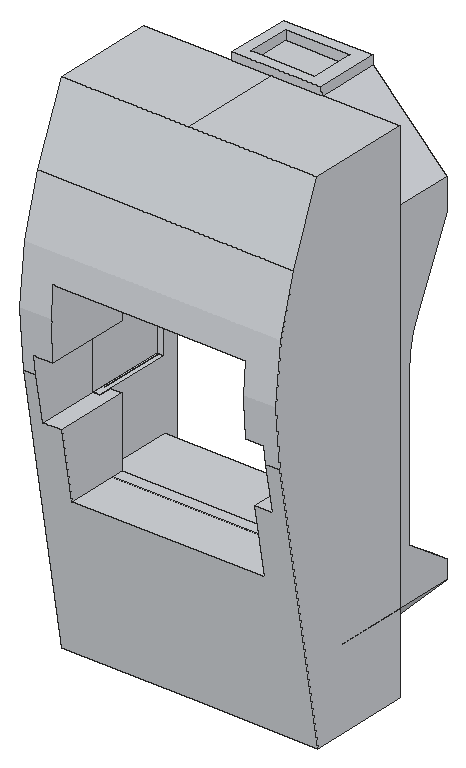
Revit family
Parameters
  Material ID = "760157727"
  Description = "INTERNATIONAL WHITE ADAPTER "
Reference planes (in)
  plane 1 "Center (Front/Back)": y = 0
  plane 2: z = 0
  plane 3 "Center (Left/Right)": x = 0
Forms (in)
  Extrusion 1, solid, not visible
    sketch origin (0, -14.305, 0) x (1, 0, 0) y (0, 0, 1)
      loop
        line (-8.5516, 0.86) -> (-8.5516, 0.46) -> (-7.9516, 0.46) -> (-7.9516, 0.86) -> (-8.5516, 0.86)
    from 0 to 0.77696
  Extrusion 2, solid
    sketch origin (0, 0, 0) x (1, 0, 0) y (0, 0, 1)
      loop
        line (0, 0.865) -> (-0.4315, 0.865) -> (-0.4315, 0) -> (-0.4315, -0.865) -> (0, -0.865) -> (0.4315, -0.865) -> (0.4315, 0.865) -> (0, 0.865)
    from 0 to 0.56
  Extrusion 3, void
    sketch origin (0, 0, 0) x (1, 0, 0) y (0, 0, 1)
      loop
        line (0.386, -0.8125) -> (0.386, 0.8125) -> (-0.38281, 0.8125) -> (-0.38281, -0.8125) -> (0.386, -0.8125)
    from -0.47848 to 0.22719
  Extrusion 4, solid
    sketch origin (0, 0, 0) x (1, 0, 0) y (0, 0, 1)
      loop
        line (0.16755, 0.8595) -> (-0.13386, 0.8595) -> (-0.416, 0.61424) -> (-0.416, -0.57634) -> (-0.16985, -0.8595) -> (0.166, -0.8595) -> (0.416, -0.6095) -> (0.416, 0.61105) -> (0.16755, 0.8595)
      loop
        line (0.366, 0.59034) -> (0.14384, 0.8125) -> (-0.11171, 0.8125) -> (-0.366, 0.59145) -> (-0.366, -0.55765) -> (-0.14446, -0.8125) -> (0.14229, -0.8125) -> (0.366, -0.58879) -> (0.366, 0.59034)
    from -0.21711 to 0.267
  Extrusion 5, void
    sketch origin (0, 0, 0) x (1, 0, 0) y (0, 0, 1)
      loop
        line (0, 0.3445) -> (-0.3255, 0.3445) -> (-0.3255, -0.3445) -> (0.3255, -0.3445) -> (0.3255, 0.3445) -> (0, 0.3445)
    from 0 to 12
  Extrusion 6, void
    sketch origin (0, 0, 0) x (1, 0, 0) y (0, 0, 1)
      loop
        line (-0.3255, 0.1095) -> (-0.3895, 0.1095) -> (-0.3895, -0.1095) -> (-0.3255, -0.1095) -> (-0.3255, 0.1095)
      loop
        line (0.3255, 0.1095) -> (0.3255, -0.1095) -> (0.3895, -0.1095) -> (0.3895, 0.1095) -> (0.3255, 0.1095)
    from 0 to 12
  Extrusion 7, solid
    sketch origin (0, 0, 0) x (1, 0, 0) y (0, 0, 1)
      loop
        line (-0.366, 0.37799) -> (-0.366, 0.3445) -> (0.366, 0.3445) -> (0.366, 0.37799) -> (-0.366, 0.37799)
      loop
        line (-0.366, -0.37799) -> (0.366, -0.37799) -> (0.366, -0.3445) -> (-0.366, -0.3445) -> (-0.366, -0.37799)
    from 0 to 0.267
  Extrusion 8, solid
    sketch origin (0, 0, 0) x (1, 0, 0) y (0, 1, 0)
      loop
        line (0.166, 0.21711) -> (-0.13386, 0.21711) -> (-0.13386, 0) -> (0.166, 0) -> (0.166, 0.21711)
    from 0.8595 to 0.89085
  Extrusion 9, solid
    sketch origin (0, 0, 0) x (1, 0, 0) y (0, 1, 0)
      loop
        line (0.14229, 0.21711) -> (-0.16985, 0.21711) -> (-0.16985, 0) -> (0.14229, 0) -> (0.14229, 0.21711)
    from -0.88635 to -0.8595
  Extrusion 10, void
    sketch origin (0, 0, 0) x (1, 0, 0) y (0, 1, 0)
      loop
        line (0.11888, 0.17993) -> (-0.09816, 0.17993) -> (-0.09816, 0.03315) -> (0.11888, 0.03315) -> (0.11888, 0.17993)
    from 0.8595 to 1.27359
  Extrusion 11, void
    sketch origin (0, 0, 0) x (1, 0, 0) y (0, 1, 0)
      loop
        line (0.11888, 0.17993) -> (-0.09816, 0.17993) -> (-0.09816, 0.03315) -> (0.11888, 0.03315) -> (0.11888, 0.17993)
    from -6.71683 to -0.8595
  Extrusion 12, void
    sketch origin (0, 0, 0) x (0, 1, 0) y (0, 0, 1)
      loop
        line (-0.34129, 0.885) -> (-0.7345, 0.885) -> (-0.7345, -0.865) -> (-0.34673, -0.865) -> (-0.50758, 0.04721)
        arc (-0.50758, 0.04721) -> (-0.51777, 0.34005) -> (-0.44677, 0.62433) r 1.0517
        line (-0.44677, 0.62433) -> (-0.34129, 0.885)
    from -0.80681 to 12
  Extrusion 13, void
    sketch origin (0, 0, 0) x (0, 1, 0) y (0, 0, 1)
      loop
        line (0.21864, 0.50875) -> (0.09828, 0.26199)
        arc (0.09828, 0.26199) -> (0.06757, 0.17527) -> (0.05716, 0.08387) r 0.40632
        line (0.05716, 0.08387) -> (0.05716, -0.43339) -> (0.40475, -0.67678) -> (0.40475, 0.50875) -> (0.21864, 0.50875)
    from -1.04006 to 12
Cuts and joins
  Extrusion 3, Extrusion 5, Extrusion 6, Extrusion 12 cuts Extrusion 2
  Extrusion 5, Extrusion 6, Extrusion 10, Extrusion 11, Extrusion 13 cuts Extrusion 4
  Extrusion 10, Extrusion 11, Extrusion 13 cuts Extrusion 8
  Extrusion 11, Extrusion 13 cuts Extrusion 9
  joined: Extrusion 4, Extrusion 8, Extrusion 9
